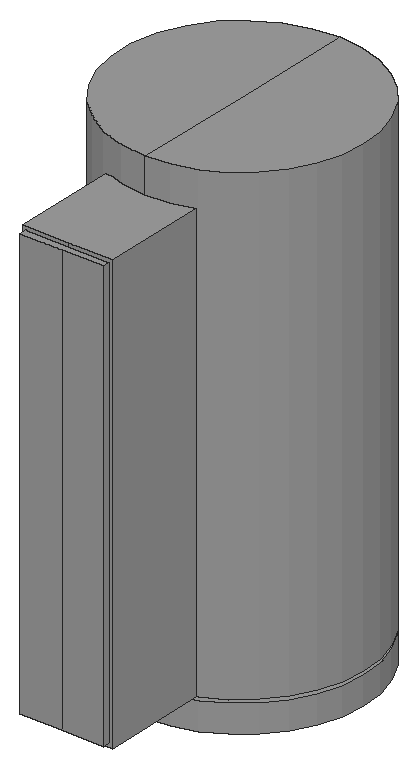
Revit family "66655_HOST_WALL", category Lighting Fixtures, host Wall, Revit 2012
Parameters (values of type "Wall Luminaires - Directed")
  Wattage = 3.81037 W
  built-in parameter 1150110 = 1 (stored number, unit not read)
  URL = "www.bega-us.com"
  built-in parameter 1114217 = 1 (stored number, unit not read)
  Tilt Angle = 90.00°
  built-in parameter 1150109 = 1 (stored number, unit not read)
  built-in parameter 1150134 = (empty or 0)
  Telephone = "805.684.0533"
  built-in parameter 1150113 = 1 (stored number, unit not read)
  Photometric Web File = "66655.IES"
  Model = "66655"
  Manufacturer = "BEGA-US"
  Lumens = 566 lm
  built-in parameter 1150115 = 1 (stored number, unit not read)
  built-in parameter 1150105 = 45.041 (stored number, unit not read)
  built-in parameter 1150137 = (empty or 0)
  built-in parameter 1150139 = (empty or 0)
  built-in parameter 1150112 = 1 (stored number, unit not read)
  built-in parameter 1150114 = 1 (stored number, unit not read)
  Lamp = "13W LED"
  built-in parameter 1150132 = 2
  built-in parameter 1150102 = (empty or 0)
  built-in parameter 1150138 = (empty or 0)
  built-in parameter 1150107 = 3000 (stored number, unit not read)
  built-in parameter 1150106 = 0.45041 (stored number, unit not read)
  built-in parameter 1150104 = 13.8 (stored number, unit not read)
  Dimming Lamp Color Temperature Shift = <None>
  Description = "Wall luminaires with single-sided light output"
  Color Filter = 16777215
  built-in parameter 1114218 = 1 (stored number, unit not read)
  built-in parameter 1150133 = 10 (stored number, unit not read)
Reference planes (in)
  plane 1: y = 0
  plane 2 "Light Source Axis (F/B)": y = 7
  plane 3 "Light Source Axis (L/R)": x = -1.43133
  plane 4 "Light Source Elevation": z = 72.42225
Text (in)
  text "Placement Side" at (0, 40.15149, 123.01588), in view "Right"
  text "Placement Side" at (-70.3804, 28.46503, 0), in view "Ref. Level"
  text "Placement Side" at (0, 85.69064, 140.59947), in view "Left"
Dimensions and locks (in)
  aligned: level to host wall
  aligned and locked: plane 3 "Light Source Axis (L/R)" to imposter light
  aligned and locked: plane 2 "Light Source Axis (F/B)" to imposter light
  aligned and locked: plane 4 "Light Source Elevation" to imposter light
Nested families (in)
  nested 1: "6655LED.537" at (-1.43133, 3, 77.42225), type "6655LED.537"
Connectors (in)
  electrical at (-1.5, 7, 77.25)
    settings: index 1, voltage 0 V, apparent load 0 VA, apparent load phase1 0 VA, apparent load phase2 0 VA, apparent load phase3 0 VA, power factor 1, load classification "Other", number of poles 1, system type 31, power factor state 1, is connector primary yes, connector utility no, sub classification motor no, connector description ""
Definition of nested family "6655LED.537"
  Reference planes (in)
    plane 1 "Center (Front/Back)": y = 0
    plane 2: z = 0
    plane 3 "Center (Left/Right)": x = 0
  Forms (in)
    Extrusion 1, solid, material "Default"
      sketch origin (0, 0, 0) x (1, 0, 0) y (0, 1, 0)
        loop
          line (0, 0) -> (0.75, 0) -> (0.75, 0.125) -> (-0.75, 0.125) -> (-0.75, 0) -> (0, 0)
      from -3.875 to 3.875
    Extrusion 2, solid, material "Default"
      sketch origin (0, 0, 0) x (1, 0, 0) y (0, 1, 0)
        loop
          line (0, 0.125) -> (0.8125, 0.125) -> (0.8125, 2) -> (0, 2) -> (-0.8125, 2) -> (-0.8125, 0.125) -> (0, 0.125)
      from -3.9375 to 3.9375
    Revolve 3, solid, material "Default"
      sketch origin (0, 0, 0) x (0, 1, 0) y (0, 0, 1)
        loop
          line (1.875, 4.5625) -> (1.875, -3.9375) -> (2, -3.9375) -> (2, -4) -> (1.875, -4) -> (1.875, -4.5) -> (2.5, -4.5) -> (2.5, -4.25) -> (2.25, -4.25) -> (2.25, 4.25) -> (4.0625, 4.25) -> (4.0625, 4.5625) -> (1.875, 4.5625)
        axis (4.0625, 4.5625) -> (4.0625, -4.5)
      angle from 0 to 360
    Revolve 4, solid, material "Glass"
      sketch origin (0, 0, 0) x (0, 1, 0) y (0, 0, 1)
        loop
          line (5.625, -4.5) -> (5.625, -4.25) -> (4.0625, -4.25) -> (4.0625, -4.5) -> (5.625, -4.5)
        axis (4.0625, -4.25) -> (4.0625, -4.5)
      angle from 0 to 360
  Dimensions and locks (in)
    aligned and locked: plane 2 to level
